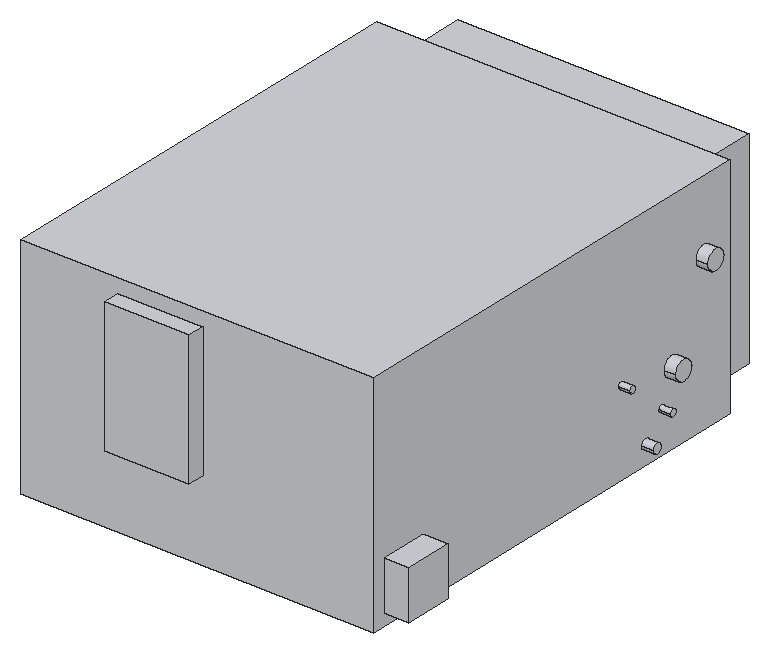
Revit family "M_Unidade de serpentina de ventilador - Horizontal - Correia - CHW", category Equipamento mecânico, Revit 2019
Family settings
  Cota do conector redondo = Usar raio
  Tipo de parte = Normal
  Número OmniClass = 23.75.70.17.27
  Título OmniClass = Fan Coil Units
  ID de item do Seek = Fan Coil Unit - Horizontal - Belt Drive - CHW-0000-CAN-ENU
  Com base no plano de trabalho = Não
  Sempre na vertical = Sim
  Corte com vazios quando carregada = Não
  Compartilhado = Não
  Ponto de cálculo do ambiente = Não
Parameters (values of type "282 LPS")
  Voltagem = 120 V
  Largura da unidade = 919.2 mm
  Comprimento da unidade = 728.7 mm
  Altura da unidade = 469.9 mm
  Capacidade de resfriamento total = 5714.89 W
  Largura do ar de fornecimento = 175 mm
  Altura do ar de fornecimento = 275 mm
  Capacidade de resfriamento perceptível = 4249.53 W
  Largura do ar de retorno = 600 mm
  Altura do ar de retorno = 425 mm
  Número de pólos = 1
  Fluxo de ar nominal [instance] = 283.17 L/s
  Classificação de carga = Refrigeração
  Queda de pressão da água do aquecimento [instance] = 77910.8 Pa
  Fluxo de água do aquecimento [instance] = 0.13 L/s
  Capacidade de aquecimento = 13745 W
  Pressão estática externa [instance] = 74.65 Pa
  Fluxo da drenagem [instance] = 0.0 L/s
  Raio da água resfriada = 20 mm
  Queda de pressão da água resfriada [instance] = 77910.8 Pa
  Fluxo da água resfriada [instance] = 0.19 L/s
  Diâmetro da água resfriada = Raio da água resfriada * 2  # 40 mm
  Material CFU = none
  C6 Deslocamento 2 = 28.6 mm
  C6 Deslocamento 1 = 352.4 mm
  C4 Deslocamento 2 = 177.8 mm
  C4 Deslocamento 1 = 393.7 mm
  C3 Deslocamento 2 = 88.9 mm
  C3 Deslocamento 1 = 177.8 mm
  C2 Deslocamento 2 = 323.9 mm
  C1 Deslocamento 2 = 155.6 mm
  C1 Deslocamento 1 = 150.8 mm
  Carga aparente = 3413 VA
Types (9, lengths in mm): name | Voltagem | Largura da unidade | Comprimento da unidade | Altura da unidade | Capacidade de resfriamento total | Largura do ar de fornecimento | Altura do ar de fornecimento | Capacidade de resfriamento perceptível | Largura do ar de retorno | Altura do ar de retorno | Número de pólos | Fluxo de ar nominal | Queda de pressão da água do aquecimento | Fluxo de água do aquecimento | Capacidade de aquecimento | Raio da água resfriada | Queda de pressão da água resfriada | Fluxo da água resfriada | Diâmetro da água resfriada | C6 Deslocamento 2 | C6 Deslocamento 1 | C4 Deslocamento 2 | C4 Deslocamento 1 | C3 Deslocamento 2 | C3 Deslocamento 1 | C2 Deslocamento 2 | C1 Deslocamento 2 | Carga aparente
  (no name) | 120 V | 919.2 | 728.7 | 469.9 | 5714.89 W | 175 | 275 | 4249.53 W | 600 | 425 | 1 | 283.17 L/s | 77910.8 Pa | 0.13 L/s | 13745 W | 20 | 77910.8 Pa | 0.19 L/s | 40 | 28.6 | 352.4 | 177.8 | 393.7 | 88.9 | 177.8 | 323.9 | 155.6 | 3413 VA
  282 LPS | 120 V | 919.2 | 728.7 | 469.9 | 5714.89 W | 175 | 275 | 4249.53 W | 600 | 425 | 1 | 283.17 L/s | 77910.8 Pa | 0.13 L/s | 13745 W | 20 | 77910.8 Pa | 0.19 L/s | 40 | 28.6 | 352.4 | 177.8 | 393.7 | 88.9 | 177.8 | 323.9 | 155.6 | 3413 VA
  376 LPS | 120 V | 919.2 | 728.7 | 469.9 | 7297.47 W | 225 | 275 | 5451.12 W | 600 | 425 | 1 | 377.56 L/s | 138584.6 Pa | 0.13 L/s | 13745 W | 20 | 138584.6 Pa | 0.25 L/s | 40 | 28.6 | 352.4 | 177.8 | 393.7 | 88.9 | 177.8 | 323.9 | 155.6 | 3413 VA
  470 LPS | 120 V | 958.9 | 941.4 | 514.4 | 10140.3 W | 200 | 300 | 7297.47 W | 850 | 450 | 1 | 471.95 L/s | 246832.3 Pa | 0.13 L/s | 13745 W | 20 | 246832.3 Pa | 0.32 L/s | 40 | 28.6 | 352.4 | 177.8 | 435 | 130.2 | 177.8 | 365.1 | 196.9 | 3413 VA
  564 LPS | 120 V | 958.9 | 941.4 | 514.4 | 11664.2 W | 250 | 300 | 8469.75 W | 850 | 450 | 1 | 566.34 L/s | 355080.0 Pa | 0.19 L/s | 20075.4 W | 20 | 355080.0 Pa | 0.38 L/s | 40 | 28.6 | 352.4 | 177.8 | 435 | 130.2 | 177.8 | 365.1 | 196.9 | 5119.5 VA
  752 LPS | 120 V | 963.6 | 1195.4 | 514.4 | 15943.1 W | 350 | 325 | 11459.1 W | 1100 | 450 | 1 | 755.12 L/s | 298543.0 Pa | 0.19 L/s | 25702.3 W | 25 | 298543.0 Pa | 0.57 L/s | 50 | 28.6 | 427 | 177.8 | 304.8 | 269.9 | 244.5 | 396.9 | 196.9 | 8532.5 VA
  940 LPS | 120 V | 1025.5 | 1220.8 | 577.9 | 20104.7 W | 325 | 350 | 14331.2 W | 1100 | 550 | 1 | 943.89 L/s | 499869.9 Pa | 0.25 L/s | 30743.2 W | 25 | 499869.9 Pa | 0.69 L/s | 50 | 28.6 | 450.9 | 177.8 | 338.1 | 303.2 | 244.5 | 462 | 198.4 | 11945.5 VA
  1410 LPS | 120 V | 1025.5 | 1220.8 | 787.4 | 30127.7 W | 400 | 350 | 21570 W | 1100 | 750 | 1 | 1415.84 L/s | 317158.8 Pa | 0.38 L/s | 43726.2 W | 40 | 317158.8 Pa | 1.07 L/s | 80 | 155.6 | 408 | 203.2 | 417.5 | 357.2 | 244.5 | 668.3 | 150.8 | 20478 VA
  1880 LPS | 208 V | 1106.5 | 1576.4 | 787.4 | 43345.2 W | 425 | 400 | 30098.4 W | 1450 | 750 | 3 | 1887.79 L/s | 777039.1 Pa | 0.44 L/s | 53456.2 W | 40 | 777039.1 Pa | 1.58 L/s | 80 | 130.2 | 579.4 | 203.2 | 417.5 | 357.2 | 244.5 | 668.3 | 150.8 | 20478 VA
Reference planes
  plane 1 "Centro (Frente/Trás)": y = 0
  plane 2: z = 0
  plane 3 "Centro (Esquerda/Direita)": x = 0
  plane 4: x = 728.7
  plane 5: y = 919.2
  plane 6: x = 677.9
  plane 7: x = 77.9
  plane 8: y = 1030.325
  plane 9: y = -34.925
  plane 10: x = 376.3
  plane 11: x = 201.3
  plane 12: z = 469.9
  plane 13: z = 441.3
  plane 14: z = 166.3
  plane 15: x = 781.088
  plane 16: z = 25.4
  plane 17: z = 450.4
  plane 18: y = 700.125
  plane 19: z = 41.275
  plane 20: x = 754.1
  plane 21: y = 768.4
  plane 22: z = 155.6
  plane 23: y = 741.4
  plane 24: z = 88.9
  plane 25: y = 636.625
  plane 26: z = 177.8
  plane 27: y = 850.938
  plane 28: z = 323.9
  plane 29: y = 25.4
  plane 30: z = 127
  plane 31: y = 127
Forms (mm)
  Extrusion 1, solid, material <- "Material CFU"
    sketch origin (0, 0, 0) x (1, 0, 0) y (0, 1, 0)
      loop
        line (0, 919.2) -> (0, 0) -> (728.7, 0) -> (728.7, 919.2) -> (0, 919.2)
    from 0 to 469.9
  Extrusion 2, solid, material <- "Material CFU"
    sketch origin (0, 0, 0) x (1, 0, 0) y (0, 1, 0)
      loop
        line (77.9, 1030.325) -> (77.9, 919.2) -> (677.9, 919.2) -> (677.9, 1030.325) -> (77.9, 1030.325)
    from 25.4 to 450.4
  Extrusion 3, solid, material <- "Material CFU"
    sketch origin (0, 0, 0) x (1, 0, 0) y (0, 1, 0)
      loop
        line (201.3, 0) -> (201.3, -34.925) -> (376.3, -34.925) -> (376.3, 0) -> (201.3, 0)
    from 166.3 to 441.3
  Extrusion 4, solid, material <- "Material CFU"
    sketch origin (0, 0, 0) x (0, 1, 0) y (0, 0, 1)
      loop
        circle (700.125, 41.275) r 9.525
    from 728.7 to 754.1
  Extrusion 5, solid, material <- "Material CFU"
    sketch origin (0, 0, 0) x (0, 1, 0) y (0, 0, 1)
      loop
        circle (768.4, 155.6) r 20
    from 728.7 to 754.1
  Extrusion 6, solid, material <- "Material CFU"
    sketch origin (0, 0, 0) x (0, 1, 0) y (0, 0, 1)
      loop
        circle (741.4, 88.9) r 6.35
    from 728.7 to 754.1
  Extrusion 7, solid, material <- "Material CFU"
    sketch origin (0, 0, 0) x (0, 1, 0) y (0, 0, 1)
      loop
        circle (636.625, 177.8) r 6.35
    from 728.7 to 754.1
  Extrusion 8, solid, material <- "Material CFU"
    sketch origin (0, 0, 0) x (0, 1, 0) y (0, 0, 1)
      loop
        circle (850.938, 323.9) r 20
    from 728.7 to 754.1
  Extrusion 9, solid, material <- "Material CFU"
    sketch origin (0, 0, 0) x (0, 1, 0) y (0, 0, 1)
      loop
        line (25.4, 127) -> (25.4, 25.4) -> (127, 25.4) -> (127, 127) -> (25.4, 127)
    from 728.7 to 781.088
Cuts and joins
  joined: Extrusion 1, Extrusion 2, Extrusion 3, Extrusion 4, Extrusion 5, Extrusion 6, Extrusion 7, Extrusion 8, Extrusion 9
Dimensions and locks
  "Comprimento da unidade": plane 3 "Centro (Esquerda/Direita)" to plane 4
  "Largura da unidade": plane 5 to plane 1 "Centro (Frente/Trás)"
  locked: plane 6 to plane 4 at 50.8
  "Largura do ar de retorno": plane 7 to plane 6
  "C6 Deslocamento 1": plane 10 to plane 4
  "Largura do ar de fornecimento": plane 11 to plane 10
  "Altura da unidade": plane 12 to plane 2
  "C6 Deslocamento 2": plane 12 to plane 13
  "Altura do ar de fornecimento": plane 13 to plane 14
  locked: plane 4 to plane 15 at 52.388
  locked: plane 2 to plane 16 at 25.4
  "Altura do ar de retorno": plane 16 to plane 17
  locked: plane 9 to plane 1 "Centro (Frente/Trás)" at 34.925
  locked: plane 8 to plane 5 at 111.125
  locked: plane 4 to plane 20 at 25.4
  locked: plane 19 to plane 2 at 41.275
  locked: plane 18 to plane 5 at 219.075
  "C1 Deslocamento 1": plane 21 to plane 5
  "C1 Deslocamento 2": plane 22 to plane 2
  "C3 Deslocamento 1": plane 23 to plane 5
  "C3 Deslocamento 2": plane 24 to plane 2
  "C4 Deslocamento 1": plane 25 to plane 8
  "C4 Deslocamento 2": plane 26 to plane 2
  locked: plane 27 to plane 5 at 68.262
  "C2 Deslocamento 2": plane 28 to plane 2
  locked: plane 1 "Centro (Frente/Trás)" to plane 29 at 25.4
  locked: plane 30 to plane 16 at 101.6
  locked: plane 29 to plane 31 at 101.6
  "Raio da água resfriada": radius of Extrusion 5 sketch curve
  radius of Extrusion 4 sketch curve = 9.525 mm
  radius of Extrusion 7 sketch curve = 6.35 mm
  "Raio da água resfriada": radius of Extrusion 8 sketch curve
  aligned and locked: plane 3 "Centro (Esquerda/Direita)" to Extrusion 1 sketch curve
  aligned and locked: Extrusion 1 sketch curve to plane 4
  aligned and locked: Extrusion 1 sketch curve to plane 1 "Centro (Frente/Trás)"
  aligned and locked: Extrusion 1 sketch curve to plane 5
  aligned and locked: Extrusion 2 sketch curve to plane 8
  aligned and locked: plane 7 to Extrusion 2 sketch curve
  aligned and locked: plane 5 to Extrusion 2 sketch curve
  aligned and locked: Extrusion 2 sketch curve to plane 6
  aligned and locked: plane 11 to Extrusion 3 sketch curve
  aligned and locked: Extrusion 3 sketch curve to plane 10
  aligned and locked: plane 9 to Extrusion 3 sketch curve
  aligned and locked: plane 1 "Centro (Frente/Trás)" to Extrusion 3 sketch curve
  aligned and locked: plane 12 to Extrusion 1
  aligned and locked: Extrusion 1 to plane 2
  aligned and locked: plane 13 to Extrusion 3
  aligned and locked: Extrusion 3 to plane 14
  aligned and locked: Extrusion 2 to plane 17
  aligned and locked: Extrusion 2 to plane 16
  aligned and locked: plane 19 to Extrusion 4 sketch curve
  aligned and locked: plane 18 to Extrusion 4 sketch curve
  aligned and locked: plane 20 to Extrusion 4
  aligned and locked: Extrusion 4 to plane 4
  aligned and locked: plane 22 to Extrusion 5 sketch curve
  aligned and locked: plane 21 to Extrusion 5 sketch curve
  aligned and locked: Extrusion 5 to plane 4
  aligned and locked: plane 24 to Extrusion 6 sketch curve
  aligned and locked: Extrusion 6 sketch curve to plane 23
  aligned and locked: plane 25 to Extrusion 7 sketch curve
  aligned and locked: plane 26 to Extrusion 7 sketch curve
  aligned and locked: plane 20 to Extrusion 5
  aligned and locked: plane 20 to Extrusion 6
  aligned and locked: Extrusion 6 to plane 4
  aligned and locked: plane 4 to Extrusion 7
  aligned and locked: plane 20 to Extrusion 7
  aligned and locked: plane 27 to Extrusion 8 sketch curve
  aligned and locked: plane 20 to Extrusion 8
  aligned and locked: Extrusion 8 to plane 4
  aligned and locked: Extrusion 9 sketch curve to plane 30
  aligned and locked: plane 29 to Extrusion 9 sketch curve
  aligned and locked: Extrusion 9 sketch curve to plane 31
  aligned and locked: plane 16 to Extrusion 9 sketch curve
  aligned and locked: plane 4 to Extrusion 9
  aligned and locked: plane 15 to Extrusion 9
  aligned and locked: plane 28 to Extrusion 8 sketch curve
Automatic sketch dimensions
  radius of Extrusion 6 sketch curve = 6.35 mm
Connectors
  piping at (754.1, 768.4, 155.6), diameter 40, driven by "Fluxo da água resfriada", driven by "Raio da água resfriada"
    settings: on Extrusion 5, index 1, connector inside diameter 40 mm, connector length 0 mm, flow factor 0, pipe flow 0.19 L/s, pressure drop 0.0 Pa, fitting loss kfactor 0, connector angle 0.00°, fixture units 0, engagement length 0 mm, angle of deflection 0.00°, flow configuration 1, flow direction 1, fitting loss method 4, system type 7, joint type 0, gender type 0, connector reference index 2, connector utility 0, adjustable connector no, is connector primary yes, connector description "Água resfriada,Entrada"
  piping at (754.1, 850.938, 323.9), diameter 40, driven by "Queda de pressão da água resfriada", driven by "Fluxo da água resfriada", driven by "Raio da água resfriada"
    settings: on Extrusion 8, index 2, connector inside diameter 40 mm, connector length 0 mm, flow factor 0, pipe flow 0.19 L/s, pressure drop 77910.8 Pa, fitting loss kfactor 0, connector angle 0.00°, fixture units 0, engagement length 0 mm, angle of deflection 0.00°, flow configuration 1, flow direction 2, fitting loss method 4, system type 8, joint type 0, gender type 0, connector reference index 1, connector utility 0, adjustable connector no, is connector primary no, connector description "Água resfriada,Saída"
  piping at (754.1, 741.4, 88.9), diameter 12.7, driven by "Fluxo de água do aquecimento"
    settings: on Extrusion 6, index 3, connector inside diameter 12.7 mm, connector length 0 mm, flow factor 0, pipe flow 0.13 L/s, pressure drop 0.0 Pa, fitting loss kfactor 0, connector angle 0.00°, fixture units 0, engagement length 0 mm, angle of deflection 0.00°, flow configuration 1, flow direction 1, fitting loss method 4, system type 7, joint type 0, gender type 0, connector reference index 4, connector utility 0, adjustable connector no, is connector primary no, connector description "Água do aquecimento,Entrada"
  piping at (754.1, 636.625, 177.8), diameter 12.7, driven by "Queda de pressão da água do aquecimento", driven by "Fluxo de água do aquecimento"
    settings: on Extrusion 7, index 4, connector inside diameter 12.7 mm, connector length 0 mm, flow factor 0, pipe flow 0.13 L/s, pressure drop 77910.8 Pa, fitting loss kfactor 0, connector angle 0.00°, fixture units 0, engagement length 0 mm, angle of deflection 0.00°, flow configuration 1, flow direction 2, fitting loss method 4, system type 8, joint type 0, gender type 0, connector reference index 3, connector utility 0, adjustable connector no, is connector primary no, connector description "Água do aquecimento,Saída"
  piping at (754.1, 700.125, 41.275), diameter 19.05, driven by "Fluxo da drenagem"
    settings: on Extrusion 4, index 5, connector inside diameter 19.05 mm, connector length 0 mm, flow factor 0, pipe flow 0.0 L/s, pressure drop 0.0 Pa, fitting loss kfactor 0, connector angle 0.00°, fixture units 0, engagement length 0 mm, angle of deflection 0.00°, flow configuration 1, flow direction 2, fitting loss method 0, system type 16, joint type 0, gender type 0, connector reference index -1, connector utility 0, adjustable connector yes, is connector primary no, connector description "Drenagem,Saída"
  hvac at (288.8, -34.925, 303.8), driven by "Fluxo de ar nominal", driven by "Altura do ar de fornecimento", driven by "Largura do ar de fornecimento"
    settings: on Extrusion 3, index 6, duct flow 283.17 L/s, flow factor 0, pres drop 0.0 Pa, loss coef 0, conn angle 0.00°, conn width 175 mm, conn height 275 mm, conn diameter 609.6 mm, duct sys type 1, conn prof type 1, flow config 0, flow direction 2, loss method 0, conn ref index 7, conn util no, is conn primary yes, conn desc ""
  hvac at (377.9, 1030.325, 237.9), driven by "Altura do ar de retorno", driven by "Largura do ar de retorno", driven by "Fluxo de ar nominal"
    settings: on Extrusion 2, index 7, duct flow 283.17 L/s, flow factor 0, pres drop 0.0 Pa, loss coef 0, conn angle 0.00°, conn width 600 mm, conn height 425 mm, conn diameter 609.6 mm, duct sys type 2, conn prof type 1, flow config 0, flow direction 1, loss method 0, conn ref index 6, conn util no, is conn primary no, conn desc ""
  electrical at (781.088, 76.2, 76.2), driven by "Carga aparente", driven by "Voltagem", driven by "Número de pólos", driven by "Classificação de carga"
    settings: on Extrusion 9, index 8, voltage 120 V, apparent load 3413 VA, apparent load phase1 0 VA, apparent load phase2 0 VA, apparent load phase3 0 VA, power factor 0.8, load classification "Refrigeração", number of poles 1, system type 30, power factor state 1, is connector primary yes, connector utility no, sub classification motor no, connector description ""
